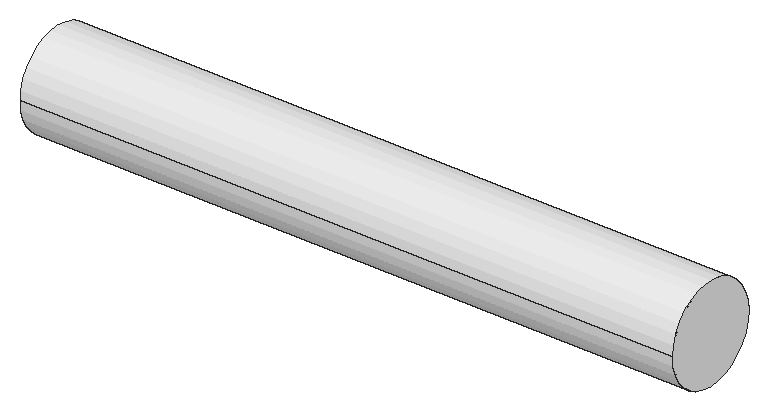
Revit family "Deca_Misturador de mesa para cozinha_Fast_1256.59", category Plumbing Fixtures, host Face, Revit 2019
Family settings
  Host = Face
  Round Connector Dimension = Use Radius
  Part Type = Normal
  Cut with Voids When Loaded = No
  Shared = Yes
  Room Calculation Point = No
Parameters (values of type "1256.C59_Cromado")
  Vazão na Pressão mín. (L/min) = "5 l/min"
  Vazão na Pressão máx. (L/min) = "16 l/min"
  URL = "www.deca.com.br"
  Tipo de rosca de saída = "-"
  Tipo de rosca de entrada = "BSP NBR 8133"
  Tipo de mecanismo utilizado = "MVC -1/4 volta"
  Tipo de dispositivo economizador = "Não"
  Segmento = "Banheiro Médio"
  Saída de Esgoto = "-"
  Raio Água Quente = 7.5 mm  # constant formula
  Raio Água Fria = 7.5 mm  # constant formula
  Pressão mín. funcionamento = "2 MCA"
  Pressão mín. Aquec. Passagem = "-"
  Pressão mín. Aquec. Acúmulo = "-"
  Pressão máx. funcionamento = "40 MCA"
  Peso Líquido (Kg) = 2.137
  Norma = "NBR16749"
  Model = "1256.C59"
  Material = Deca_Cromado
  Manufacturer = "Deca"
  Linha = "Fast"
  Itens de Instalação = "-"
  Informações Complementares = "-"
  HWFU = 0
  Diâmetro Água Quente = Raio Água Quente * 2  # 15 mm
  Diâmetro Água Fria = Raio Água Fria * 2  # 15 mm
  Description = "Misturador de mesa para cozinha"
  Default Elevation = 0 mm
  Código Pai = "1256.59"
  Criado por = "quattroD"
  Cores Componente = "-"
  Cor Secundária = "-"
  Cor Principal = "Cromado"
  Cor Interna = "-"
  Consumo = "-"
  Composição Componente = "-"
  Composição Básica = "Liga de Cobre (bronze e latão),Plásticos de Engenharia,Elastômeros"
  Composição Assento = "-"
  Composição Anel Vedação = "-"
  Categoria = "METAIS PARA COZINHA"
  CWFU = 0
  Atendimento ao Cliente = "0800-0117073"
  Assembly Code = ""
  Aprovado por = "quattroD"
  Acompanha o Produto = "-"
Reference planes
  plane 1 "Center (Front/Back)": y = 0
  plane 2: z = 0
  plane 3 "Center (Left/Right)": x = 0
Forms (mm)
  Extrusion 1, solid, material "Deca_Cromado" <- "Material"
    sketch origin (0, 0, 0) x (0, 1, 0) y (0, 0, 1)
      loop
        circle (0, 44.761) r 16.999
    from -117 to 117
Lines and regions (mm)
  Masking region 1
    outline origin (500, 0, 0) x (1, 0, 0) y (0, 1, 0)
      loop
        arc (-578.998, 16.968) -> (-599.901, 27) -> (-620.877, 17.122) r 27
        line (-620.877, 17.122) -> (-639.481, 17.122)
        arc (-639.481, 17.122) -> (-639.835, 16.975) -> (-639.981, 16.622) r 0.5
        line (-639.981, 16.622) -> (-639.981, -80.05)
        arc (-639.981, -80.05) -> (-639.835, -80.404) -> (-639.481, -80.55) r 0.5
        line (-639.481, -80.55) -> (-629.981, -80.55)
        arc (-629.981, -80.55) -> (-629.628, -80.404) -> (-629.481, -80.05) r 0.5
        line (-629.481, -80.05) -> (-629.481, -17.13) -> (-620.87, -17.13)
        arc (-620.87, -17.13) -> (-599.851, -27) -> (-578.942, -16.899) r 27
        line (-578.942, -16.899) -> (-508.574, -16.899) -> (-508.574, -164.297)
        arc (-508.574, -164.297) -> (-510.696, -167.84) -> (-511.435, -171.903) r 11.542
        line (-511.435, -171.903) -> (-511.435, -176.141)
        arc (-511.435, -176.141) -> (-508.014, -184.335) -> (-499.781, -187.664) r 11.524
        arc (-499.781, -187.664) -> (-491.549, -184.335) -> (-488.127, -176.141) r 11.524
        line (-488.127, -176.141) -> (-488.127, -171.903)
        arc (-488.127, -171.903) -> (-488.87, -167.83) -> (-491.002, -164.281) r 11.542
        line (-491.002, -164.281) -> (-491.002, -16.899) -> (-420.62, -16.899)
        arc (-420.62, -16.899) -> (-399.711, -27) -> (-378.692, -17.13) r 27
        line (-378.692, -17.13) -> (-370.081, -17.13) -> (-370.081, -80.05)
        arc (-370.081, -80.05) -> (-369.935, -80.404) -> (-369.581, -80.55) r 0.5
        line (-369.581, -80.55) -> (-360.081, -80.55)
        arc (-360.081, -80.55) -> (-359.728, -80.404) -> (-359.581, -80.05) r 0.5
        line (-359.581, -80.05) -> (-359.581, 16.622)
        arc (-359.581, 16.622) -> (-359.728, 16.975) -> (-360.081, 17.122) r 0.5
        line (-360.081, 17.122) -> (-378.685, 17.122)
        arc (-378.685, 17.122) -> (-399.661, 27) -> (-420.564, 16.968) r 27
        line (-420.564, 16.968) -> (-578.998, 16.968)
  Masking region 2
    outline origin (0, 0, 0) x (0, 1, 0) y (0, 0, 1)
      loop
        line (-27, 0) -> (27, 0) -> (27, 10) -> (15, 10) -> (15, 36.9)
        arc (15, 36.9) -> (16.492, 40.777) -> (17, 44.9) r 17
        line (17, 44.9) -> (17, 54.713) -> (17, 70.8) -> (15.989, 70.8)
        arc (15.989, 70.8) -> (15.888, 71.551) -> (15.783, 72.301) r 120
        line (15.783, 72.301) -> (17, 72.301) -> (17, 85.201) -> (13.203, 85.201)
        arc (13.203, 85.201) -> (11.863, 89.989) -> (10.325, 94.717) r 120
        line (10.325, 94.717) -> (10.325, 249.401)
        arc (10.325, 249.401) -> (-88, 347.726) -> (-186.325, 249.401) r 98.325
        line (-186.325, 249.401) -> (-186.325, 241.401) -> (-181.4, 241.401)
        arc (-181.4, 241.401) -> (-180.339, 240.961) -> (-179.9, 239.901) r 1.5
        line (-179.9, 239.901) -> (-179.9, 238.8)
        arc (-179.9, 238.8) -> (-180.802, 238.126) -> (-181.589, 237.321) r 7.28
        line (-181.589, 237.321) -> (-186.3, 237.321) -> (-186.3, 210.221) -> (-165.7, 210.221) -> (-165.7, 237.321) -> (-170.411, 237.321)
        arc (-170.411, 237.321) -> (-171.198, 238.126) -> (-172.1, 238.8) r 7.28
        line (-172.1, 238.8) -> (-172.1, 239.901)
        arc (-172.1, 239.901) -> (-171.661, 240.961) -> (-170.6, 241.401) r 1.5
        line (-170.6, 241.401) -> (-165.675, 241.401) -> (-165.675, 249.401)
        arc (-165.675, 249.401) -> (-87.978, 327.076) -> (-10.325, 249.357) r 77.675
        line (-10.325, 249.357) -> (-10.325, 85.201) -> (-17, 85.201) -> (-17, 72.301) -> (-13.075, 72.301) -> (-13.075, 70.8) -> (-17, 70.8) -> (-17, 44.9)
        arc (-17, 44.9) -> (-16.492, 40.777) -> (-15, 36.9) r 17
        line (-15, 36.9) -> (-15, 10) -> (-27, 10) -> (-27, 0)
  Masking region 3
    outline origin (0, 0, 0) x (1, 0, 0) y (0, 0, 1)
      loop
        line (127, 0) -> (127, 10) -> (115, 10) -> (115, 25.9)
        arc (115, 25.9) -> (115.585, 27.314) -> (117, 27.9) r 2
        line (117, 27.9) -> (117, 32.4) -> (118.999, 32.4) -> (118.999, 27.9) -> (139.399, 27.9)
        arc (139.399, 27.9) -> (139.753, 28.046) -> (139.899, 28.4) r 0.5
        line (139.899, 28.4) -> (139.899, 124.347)
        arc (139.899, 124.347) -> (139.753, 124.701) -> (139.399, 124.847) r 0.5
        line (139.399, 124.847) -> (131.346, 124.847)
        arc (131.346, 124.847) -> (130.943, 124.655) -> (130.838, 124.221) r 0.519
        line (130.838, 124.221) -> (130.463, 117.051)
        spline (130.463, 117.051) -> (130.389, 114.003) -> (130.305, 110.887) -> (130.211, 107.709) -> (130.107, 104.475) -> (129.992, 101.19) -> (129.868, 97.861) -> (129.734, 94.494) -> (129.591, 91.095) -> (129.439, 87.67) -> (129.278, 84.226) -> (129.108, 80.77) -> (128.931, 77.307)
        line (128.931, 77.307) -> (128.501, 69.12)
        arc (128.501, 69.12) -> (128.361, 66.762) -> (128.18, 64.407) r 139.414
        arc (128.18, 64.407) -> (127.122, 62.616) -> (125.169, 61.9) r 3.095
        line (125.169, 61.9) -> (118.999, 61.9) -> (118.999, 57.4) -> (117, 57.4) -> (117, 61.9) -> (19, 61.9)
        arc (19, 61.9) -> (17.585, 62.486) -> (17, 63.9) r 2
        line (17, 63.9) -> (17, 70.8) -> (13.075, 70.8) -> (13.075, 72.301) -> (17, 72.301) -> (17, 85.201) -> (10.325, 85.201) -> (10.325, 337.401)
        arc (10.325, 337.401) -> (0, 347.726) -> (-10.325, 337.401) r 10.325
        line (-10.325, 337.401) -> (-10.325, 85.201) -> (-17, 85.201) -> (-17, 72.301) -> (-13.075, 72.301) -> (-13.075, 70.8) -> (-17, 70.8) -> (-17, 63.9)
        arc (-17, 63.9) -> (-17.586, 62.486) -> (-19, 61.9) r 2
        line (-19, 61.9) -> (-117, 61.9) -> (-117, 57.4) -> (-119, 57.4) -> (-119, 61.9) -> (-125.17, 61.9)
        arc (-125.17, 61.9) -> (-127.123, 62.616) -> (-128.181, 64.407) r 3.095
        arc (-128.181, 64.407) -> (-128.361, 66.762) -> (-128.502, 69.12) r 139.414
        line (-128.502, 69.12) -> (-128.931, 77.307)
        spline (-128.931, 77.307) -> (-129.109, 80.77) -> (-129.278, 84.226) -> (-129.439, 87.67) -> (-129.591, 91.095) -> (-129.735, 94.494) -> (-129.868, 97.861) -> (-129.993, 101.19) -> (-130.107, 104.475) -> (-130.212, 107.709) -> (-130.306, 110.887) -> (-130.39, 114.003) -> (-130.463, 117.051)
        line (-130.463, 117.051) -> (-130.839, 124.221)
        arc (-130.839, 124.221) -> (-130.943, 124.655) -> (-131.346, 124.847) r 0.519
        line (-131.346, 124.847) -> (-139.4, 124.847)
        arc (-139.4, 124.847) -> (-139.754, 124.701) -> (-139.9, 124.347) r 0.5
        line (-139.9, 124.347) -> (-139.9, 28.4)
        arc (-139.9, 28.4) -> (-139.754, 28.046) -> (-139.4, 27.9) r 0.5
        line (-139.4, 27.9) -> (-119, 27.9) -> (-119, 32.4) -> (-117, 32.4) -> (-117, 27.9)
        arc (-117, 27.9) -> (-115.586, 27.314) -> (-115, 25.9) r 2
        line (-115, 25.9) -> (-115, 10) -> (-127, 10) -> (-127, 0) -> (-73, 0) -> (-73, 10) -> (-85, 10) -> (-85, 25.9)
        arc (-85, 25.9) -> (-84.416, 27.312) -> (-83.006, 27.9) r 2
        line (-83.006, 27.9) -> (83.005, 27.9)
        arc (83.005, 27.9) -> (84.416, 27.312) -> (85, 25.9) r 2
        line (85, 25.9) -> (85, 10) -> (73, 10) -> (73, 0) -> (127, 0)
  symbolic lines
    curve 1: line (-118.981, 17.122, 0) -> (-118.981, -17.13, 0)
    curve 2: line (-116.901, 16.968, 0) -> (-116.901, -16.899, 0)
    curve 3: line (-129.466, -17.129, 0) -> (-129.466, 17.122, 0)
    curve 4: line (-139.481, 17.122, 0) -> (-139.481, -80.338, 0)
    curve 5: line (-129.981, -80.338, 0) -> (-129.981, -4.093, 0)
    curve 6: line (-129.981, -4.093, 0) -> (-129.466, -0.004, 0)
    curve 7: line (-139.481, -80.338, 0) -> (-129.981, -80.338, 0)
    curve 8: arc (-2.099, 16.968, 0) -> (-16.627, 3.363, 0) -> (-8.576, -14.839, 0) r 17.192
    curve 9: spline (-8.576, -15.323, 0) -> (-11.951, -13.355, 0) -> (-14.792, -10.8, 0) -> (-16.975, -7.769, 0) -> (-18.403, -4.396, 0) -> (-19.014, -0.831, 0) -> (-18.779, 2.77, 0) -> (-17.71, 6.248, 0) -> (-15.854, 9.448, 0) -> (-13.292, 12.231, 0) -> (-10.138, 14.473, 0) -> (-6.531, 16.076, 0) -> (-2.629, 16.968, 0)
    curve 10: line (-8.576, -17.125, 0) -> (-8.576, -0.025, 0)
    curve 11: arc (-8.576, -0.025, 0) -> (0.219, 8.77, 0) -> (9.014, -0.025, 0) r 8.795
    curve 12: line (9.014, -0.025, 0) -> (9.014, -17.125, 0)
    curve 13: line (-8.581, -164.291, 0) -> (-8.581, -171.53, 0)
    curve 14: arc (-8.581, -171.53, 0) -> (0.17, -180.281, 0) -> (8.921, -171.53, 0) r 8.751
    curve 15: line (8.921, -171.53, 0) -> (8.921, -164.291, 0)
    curve 16: arc (11.868, -171.578, 0) -> (0.219, -183.557, 0) -> (-11.43, -171.578, 0) r 11.654
    curve 17: arc (11.873, -174.411, 0) -> (0.219, -186.065, 0) -> (-11.435, -174.411, 0) r 11.654
    curve 18: line (-120.877, 17.122, 0) -> (-118.981, 17.122, 0)
    curve 19: line (-120.87, -17.13, 0) -> (-118.981, -17.13, 0)
    curve 20: line (-78.942, -16.899, 0) -> (-116.901, -16.899, 0)
    curve 21: line (-78.998, 16.968, 0) -> (-116.901, 16.968, 0)
    curve 22: line (-118.981, 12.59, 0) -> (-116.901, 12.59, 0)
    curve 23: line (-118.981, -12.6, 0) -> (-116.901, -12.6, 0)
    curve 24: arc (2.099, 16.968, 0) -> (16.627, 3.363, 0) -> (8.576, -14.839, 0) r 17.192
    curve 25: spline (8.576, -15.323, 0) -> (11.951, -13.355, 0) -> (14.792, -10.8, 0) -> (16.975, -7.769, 0) -> (18.403, -4.396, 0) -> (19.014, -0.831, 0) -> (18.779, 2.77, 0) -> (17.71, 6.248, 0) -> (15.854, 9.448, 0) -> (13.292, 12.231, 0) -> (10.138, 14.473, 0) -> (6.531, 16.076, 0) -> (2.629, 16.968, 0)
    curve 26: line (118.981, 17.122, 0) -> (118.981, -17.13, 0)
    curve 27: line (116.901, 16.968, 0) -> (116.901, -16.899, 0)
    curve 28: line (129.466, -17.129, 0) -> (129.466, 17.122, 0)
    curve 29: line (139.481, 17.122, 0) -> (139.481, -80.338, 0)
    curve 30: line (129.981, -80.338, 0) -> (129.981, -4.093, 0)
    curve 31: line (129.981, -4.093, 0) -> (129.466, -0.004, 0)
    curve 32: line (139.481, -80.338, 0) -> (129.981, -80.338, 0)
    curve 33: line (120.877, 17.122, 0) -> (118.981, 17.122, 0)
    curve 34: line (120.87, -17.13, 0) -> (118.981, -17.13, 0)
    curve 35: line (78.942, -16.899, 0) -> (116.901, -16.899, 0)
    curve 36: line (78.998, 16.968, 0) -> (116.901, 16.968, 0)
    curve 37: line (118.981, 12.59, 0) -> (116.901, 12.59, 0)
    curve 38: line (118.981, -12.6, 0) -> (116.901, -12.6, 0)
    curve 39: line (0, -27, 0) -> (0, 27, 0)
    curve 40: line (0, 27, 0) -> (0, 27, 10)
    curve 41: line (0, 27, 10) -> (0, -27, 10)
    curve 42: line (0, 27, 9.7) -> (0, -27, 9.7)
    curve 43: line (0, -27, 10) -> (0, -27, 0)
    curve 44: line (0, 15, 36.415) -> (0, 15, 10)
    curve 45: line (0, -15, 36.415) -> (0, -15, 10)
    curve 46: arc (0, 9.985, 29.638) -> (0, -0.117, 25.902) -> (0, -10.167, 29.778) r 15.244
    curve 47: arc (0, 15, 36.415) -> (0, 12.882, 32.738) -> (0, 9.985, 29.638) r 18.597
    curve 48: arc (0, -10.167, 29.778) -> (0, -12.948, 32.831) -> (0, -15, 36.415) r 18.899
    curve 49: arc (0, 17, 44.9) -> (0, -12.021, 32.879) -> (0, 0, 61.9) r 17
    curve 50: spline (0, -17, 44.9) -> (0, -16.827, 47.604) -> (0, -16.312, 50.252) -> (0, -15.464, 52.792) -> (0, -14.302, 55.171) -> (0, -12.849, 57.341) -> (0, -11.134, 59.258) -> (0, -9.193, 60.882) -> (0, -7.065, 62.182) -> (0, -4.793, 63.129) -> (0, -2.423, 63.706) -> (0, -0.004, 63.9) -> (0, 2.415, 63.707)
    curve 51: line (0, -17, 70.8) -> (0, -17, 44.9)
    curve 52: line (0, 4.5, 70.8) -> (0, -17, 70.8)
    curve 53: line (0, -13.075, 70.8) -> (0, -13.075, 72.301)
    curve 54: line (0, -17, 72.301) -> (0, 4.5, 72.301)
    curve 55: line (0, -17, 85.201) -> (0, -17, 72.301)
    curve 56: line (0, 4.107, 85.201) -> (0, -17, 85.201)
    curve 57: arc (0, 16.5, 44.9) -> (0, -11.707, 33.273) -> (0, 0.113, 61.4) r 16.5
    curve 58: arc (0, 5, 69.094) -> (0, 3.675, 64.536) -> (0, 0.113, 61.4) r 8.5
    curve 59: arc (0, 4.5, 69.094) -> (0, 3.282, 64.851) -> (0, 0, 61.9) r 8
    curve 60: line (0, 17, 44.9) -> (0, 17, 55.253)
    curve 61: line (0, 16.5, 55.253) -> (0, 16.5, 44.9)
    curve 62: arc (0, -5.5, 124.347) -> (0, 10.867, 91.509) -> (0, 16.5, 55.253) r 119.5
    curve 63: arc (0, -5.092, 124.636) -> (0, 11.344, 91.661) -> (0, 17, 55.253) r 120
    curve 64: line (0, 17, 55.253) -> (0, 17, 70.8)
    curve 65: line (0, 17, 70.8) -> (0, 15.988, 70.8)
    curve 66: line (0, 15.783, 72.301) -> (0, 17, 72.301)
    curve 67: line (0, 17, 72.301) -> (0, 17, 85.201)
    curve 68: line (0, 17, 84.901) -> (0, 13.28, 84.901)
    curve 69: line (0, 17, 85.201) -> (0, 13.203, 85.201)
    curve 70: arc (0, -5.5, 117.032) -> (0, 2.331, 97.838) -> (0, 5, 77.28) r 80.5
    curve 71: arc (0, -5.935, 116.785) -> (0, 1.847, 97.71) -> (0, 4.5, 77.28) r 80
    curve 72: line (0, -6, 124.347) -> (0, -6, 117.032)
    curve 73: line (0, -5.5, 124.347) -> (0, -5.5, 117.032)
    curve 74: arc (0, -6, 124.347) -> (0, -5.652, 124.824) -> (0, -5.092, 124.636) r 0.5
    curve 75: line (0, -10.325, 249.357) -> (0, -10.325, 85.201)
    curve 76: line (0, 10.325, 94.718) -> (0, 10.325, 249.401)
    curve 77: arc (0, -165.675, 249.401) -> (0, -87.978, 327.076) -> (0, -10.325, 249.357) r 77.675
    curve 78: arc (0, -186.325, 249.401) -> (0, -88, 347.726) -> (0, 10.325, 249.401) r 98.325
    curve 79: line (0, -165.675, 249.401) -> (0, -165.675, 241.401)
    curve 80: line (0, -186.325, 241.401) -> (0, -186.325, 249.401)
    curve 81: line (0, -165.675, 241.401) -> (0, -186.325, 241.401)
    curve 82: arc (0, -172.1, 239.901) -> (0, -171.661, 240.961) -> (0, -170.6, 241.401) r 1.5
    curve 83: arc (0, -181.4, 241.401) -> (0, -180.339, 240.961) -> (0, -179.9, 239.901) r 1.5
    curve 84: line (0, -172.1, 239.901) -> (0, -179.9, 239.901)
    curve 85: line (0, -179.9, 238.8) -> (0, -172.1, 238.8)
    curve 86: line (0, -179.9, 239.901) -> (0, -179.9, 238.8)
    curve 87: line (0, -172.1, 238.8) -> (0, -172.1, 239.901)
    curve 88: arc (0, -172.1, 238.8) -> (0, -171.198, 238.126) -> (0, -170.411, 237.321) r 7.28
    curve 89: arc (0, -181.589, 237.321) -> (0, -180.802, 238.126) -> (0, -179.9, 238.8) r 7.28
    curve 90: line (0, -185.8, 237.321) -> (0, -166.2, 237.321)
    curve 91: line (0, -165.7, 236.821) -> (0, -186.3, 236.821)
    curve 92: line (0, -165.7, 236.821) -> (0, -165.7, 210.221)
    curve 93: line (0, -186.3, 210.221) -> (0, -186.3, 236.821)
    curve 94: line (0, -165.7, 210.221) -> (0, -186.3, 210.221)
    curve 95: line (0, 10.325, 249.401) -> (0, -10.325, 249.401)
    curve 96: line (0, 4.5, 77.28) -> (0, 4.5, 69.094)
    curve 97: line (0, 5, 69.094) -> (0, 5, 77.28)
    curve 98: line (127, 0, 0) -> (73, 0, 0)
    curve 99: line (127, 0, 10) -> (127, 0, 0)
    curve 100: line (73, 0, 9.7) -> (127, 0, 9.7)
    curve 101: line (73, 0, 10) -> (127, 0, 10)
    curve 102: line (73, 0, 0) -> (73, 0, 10)
    curve 103: line (115, 0, 25.9) -> (115, 0, 10)
    curve 104: line (85, 0, 10) -> (85, 0, 25.9)
    curve 105: arc (85, 0, 25.9) -> (84.414, 0, 27.314) -> (83, 0, 27.9) r 2
    curve 106: arc (117, 0, 27.9) -> (115.585, 0, 27.314) -> (115, 0, 25.9) r 2
    curve 107: line (117, 0, 61.9) -> (117, 0, 27.9)
    curve 108: line (117, 0, 32.4) -> (118.999, 0, 32.4)
    curve 109: line (118.999, 0, 61.9) -> (118.999, 0, 27.9)
    curve 110: line (118.999, 0, 27.9) -> (139.399, 0, 27.9)
    curve 111: line (139.399, 0, 27.9) -> (139.399, 0, 124.847)
    curve 112: line (139.899, 0, 61.4) -> (139.899, 0, 28.4)
    curve 113: arc (139.399, 0, 27.9) -> (139.753, 0, 28.046) -> (139.899, 0, 28.4) r 0.5
    curve 114: line (115, 0, 25.9) -> (112.311, 0, 28.589)
    curve 115: line (85, 0, 25.9) -> (87.689, 0, 28.589)
    curve 116: line (117, 0, 27.9) -> (113.06, 0, 30.978)
    curve 117: line (83, 0, 27.9) -> (86.94, 0, 30.978)
    curve 118: line (112.311, 0, 28.589) -> (87.689, 0, 28.589)
    curve 119: line (113.06, 0, 30.978) -> (86.94, 0, 30.978)
    curve 120: arc (139.899, 0, 61.4) -> (139.753, 0, 61.754) -> (139.399, 0, 61.9) r 0.5
    curve 121: line (139.399, 0, 61.9) -> (118.999, 0, 61.9)
    curve 122: line (117, 0, 57.4) -> (118.999, 0, 57.4)
    curve 123: line (139.899, 0, 124.347) -> (139.899, 0, 61.4)
    curve 124: arc (128.678, 0, 64.642) -> (128.859, 0, 66.866) -> (129, 0, 69.094) r 123.855
    curve 125: arc (128.18, 0, 64.407) -> (128.361, 0, 66.762) -> (128.501, 0, 69.12) r 139.414
    curve 126: line (139.899, 0, 69.094) -> (129, 0, 69.094)
    curve 127: line (128.931, 0, 77.307) -> (128.502, 0, 69.12)
    curve 128: line (129.001, 0, 69.094) -> (129.43, 0, 77.28)
    curve 129: line (139.899, 0, 77.28) -> (129.43, 0, 77.28)
    curve 130: spline (130.962, 0, 116.785) -> (130.889, 0, 113.756) -> (130.805, 0, 110.658) -> (130.711, 0, 107.499) -> (130.606, 0, 104.284) -> (130.492, 0, 101.019) -> (130.367, 0, 97.71) -> (130.233, 0, 94.363) -> (130.09, 0, 90.985) -> (129.938, 0, 87.581) -> (129.777, 0, 84.158) -> (129.608, 0, 80.722) -> (129.43, 0, 77.28)
    curve 131: spline (130.463, 0, 117.051) -> (130.389, 0, 114.003) -> (130.305, 0, 110.887) -> (130.211, 0, 107.709) -> (130.107, 0, 104.475) -> (129.992, 0, 101.19) -> (129.868, 0, 97.861) -> (129.734, 0, 94.494) -> (129.591, 0, 91.095) -> (129.439, 0, 87.67) -> (129.278, 0, 84.226) -> (129.108, 0, 80.77) -> (128.931, 0, 77.307)
    curve 132: line (139.399, 0, 116.785) -> (130.962, 0, 116.785)
    curve 133: line (130.962, 0, 117.032) -> (139.899, 0, 117.032)
    curve 134: line (130.463, 0, 117.051) -> (130.846, 0, 124.373)
    curve 135: line (131.346, 0, 124.347) -> (130.962, 0, 117.032)
    curve 136: line (131.346, 0, 124.347) -> (139.899, 0, 124.347)
    curve 137: line (139.399, 0, 124.847) -> (131.346, 0, 124.847)
    curve 138: arc (139.899, 0, 124.347) -> (139.753, 0, 124.701) -> (139.399, 0, 124.847) r 0.5
    curve 139: arc (128.678, 0, 64.642) -> (127.506, 0, 62.526) -> (125.169, 0, 61.9) r 3.094
    curve 140: arc (125.169, 0, 61.9) -> (127.122, 0, 62.616) -> (128.18, 0, 64.407) r 3.095
    curve 141: line (19, 0, 61.9) -> (117, 0, 61.9)
    curve 142: line (83, 0, 27.9) -> (-83, 0, 27.9)
    curve 143: line (0, 0, 44.9) -> (19, 0, 61.9)
    curve 144: line (17, 0, 63.9) -> (0, 0, 44.9)
    curve 145: arc (17, 0, 63.9) -> (17.585, 0, 62.486) -> (19, 0, 61.9) r 2
    curve 146: line (0, 0, 44.9) -> (-17, 0, 63.9)
    curve 147: line (-19, 0, 61.9) -> (0, 0, 44.9)
    curve 148: arc (-19, 0, 61.9) -> (-17.586, 0, 62.486) -> (-17, 0, 63.9) r 2
    curve 149: line (-17, 0, 63.9) -> (-17, 0, 70.8)
    curve 150: line (17, 0, 70.8) -> (17, 0, 63.9)
    curve 151: line (-17, 0, 70.8) -> (17, 0, 70.8)
    curve 152: line (13.075, 0, 72.301) -> (13.075, 0, 70.8)
    curve 153: line (17, 0, 72.301) -> (-17, 0, 72.301)
    curve 154: line (-13.075, 0, 70.8) -> (-13.075, 0, 72.301)
    curve 155: line (-17, 0, 72.301) -> (-17, 0, 84.901)
    curve 156: line (17, 0, 84.901) -> (17, 0, 72.301)
    curve 157: line (-17, 0, 84.901) -> (17, 0, 84.901)
    curve 158: line (-16.7, 0, 85.201) -> (16.703, 0, 85.201)
    curve 159: line (-10.325, 0, 337.401) -> (-10.325, 0, 85.201)
    curve 160: line (10.325, 0, 337.401) -> (10.325, 0, 85.201)
    curve 161: line (-10.325, 0, 210.221) -> (10.325, 0, 210.221)
    curve 162: arc (10.325, 0, 337.401) -> (0, 0, 347.726) -> (-10.325, 0, 337.401) r 10.325
    curve 163: line (-10.325, 0, 236.821) -> (10.325, 0, 236.821)
    curve 164: line (9.8, 0, 237.321) -> (-9.8, 0, 237.321)
    curve 165: arc (-3.9, 0, 238.8) -> (-4.802, 0, 238.126) -> (-5.589, 0, 237.321) r 7.28
    curve 166: arc (5.588, 0, 237.321) -> (4.801, 0, 238.126) -> (3.9, 0, 238.8) r 7.28
    curve 167: line (-3.9, 0, 238.8) -> (3.9, 0, 238.8)
    curve 168: line (3.9, 0, 239.901) -> (-3.9, 0, 239.901)
    curve 169: line (3.9, 0, 238.8) -> (3.9, 0, 239.901)
    curve 170: arc (5.4, 0, 241.401) -> (4.339, 0, 240.961) -> (3.9, 0, 239.901) r 1.5
    curve 171: line (-3.9, 0, 239.901) -> (-3.9, 0, 238.8)
    curve 172: arc (-3.9, 0, 239.901) -> (-4.34, 0, 240.961) -> (-5.4, 0, 241.401) r 1.5
    curve 173: line (10.325, 0, 241.401) -> (-10.325, 0, 241.401)
    curve 174: line (10.325, 0, 249.401) -> (-10.325, 0, 249.401)
    curve 175: line (-127, 0, 0) -> (-73, 0, 0)
    curve 176: line (-127, 0, 10) -> (-127, 0, 0)
    curve 177: line (-73, 0, 9.7) -> (-127, 0, 9.7)
    curve 178: line (-73, 0, 10) -> (-127, 0, 10)
    curve 179: line (-73, 0, 0) -> (-73, 0, 10)
    curve 180: line (-115, 0, 25.9) -> (-115, 0, 10)
    curve 181: line (-85, 0, 10) -> (-85, 0, 25.9)
    curve 182: arc (-85, 0, 25.9) -> (-84.415, 0, 27.314) -> (-83, 0, 27.9) r 2
    curve 183: arc (-117, 0, 27.9) -> (-115.586, 0, 27.314) -> (-115, 0, 25.9) r 2
    curve 184: line (-117, 0, 61.9) -> (-117, 0, 27.9)
    curve 185: line (-117, 0, 32.4) -> (-119, 0, 32.4)
    curve 186: line (-119, 0, 61.9) -> (-119, 0, 27.9)
    curve 187: line (-119, 0, 27.9) -> (-139.4, 0, 27.9)
    curve 188: line (-139.4, 0, 27.9) -> (-139.4, 0, 124.847)
    curve 189: line (-139.9, 0, 61.4) -> (-139.9, 0, 28.4)
    curve 190: arc (-139.4, 0, 27.9) -> (-139.754, 0, 28.046) -> (-139.9, 0, 28.4) r 0.5
    curve 191: line (-115, 0, 25.9) -> (-112.311, 0, 28.589)
    curve 192: line (-85, 0, 25.9) -> (-87.689, 0, 28.589)
    curve 193: line (-117, 0, 27.9) -> (-113.06, 0, 30.978)
    curve 194: line (-83, 0, 27.9) -> (-86.94, 0, 30.978)
    curve 195: line (-112.311, 0, 28.589) -> (-87.689, 0, 28.589)
    curve 196: line (-113.06, 0, 30.978) -> (-86.94, 0, 30.978)
    curve 197: arc (-139.9, 0, 61.4) -> (-139.754, 0, 61.754) -> (-139.4, 0, 61.9) r 0.5
    curve 198: line (-139.4, 0, 61.9) -> (-119, 0, 61.9)
    curve 199: line (-117, 0, 57.4) -> (-119, 0, 57.4)
    curve 200: line (-139.9, 0, 124.347) -> (-139.9, 0, 61.4)
    curve 201: arc (-128.679, 0, 64.642) -> (-128.86, 0, 66.866) -> (-129.001, 0, 69.094) r 123.855
    curve 202: arc (-128.181, 0, 64.407) -> (-128.361, 0, 66.762) -> (-128.502, 0, 69.12) r 139.414
    curve 203: line (-139.9, 0, 69.094) -> (-129.001, 0, 69.094)
    curve 204: line (-128.931, 0, 77.307) -> (-128.502, 0, 69.12)
    curve 205: line (-129.002, 0, 69.094) -> (-129.431, 0, 77.28)
    curve 206: line (-139.9, 0, 77.28) -> (-129.431, 0, 77.28)
    curve 207: spline (-130.963, 0, 116.785) -> (-130.889, 0, 113.756) -> (-130.806, 0, 110.658) -> (-130.711, 0, 107.499) -> (-130.607, 0, 104.284) -> (-130.492, 0, 101.019) -> (-130.368, 0, 97.71) -> (-130.234, 0, 94.363) -> (-130.091, 0, 90.985) -> (-129.939, 0, 87.581) -> (-129.778, 0, 84.158) -> (-129.608, 0, 80.722) -> (-129.431, 0, 77.28)
    curve 208: spline (-130.463, 0, 117.051) -> (-130.39, 0, 114.003) -> (-130.306, 0, 110.887) -> (-130.212, 0, 107.709) -> (-130.107, 0, 104.475) -> (-129.993, 0, 101.19) -> (-129.868, 0, 97.861) -> (-129.735, 0, 94.494) -> (-129.591, 0, 91.095) -> (-129.439, 0, 87.67) -> (-129.278, 0, 84.226) -> (-129.109, 0, 80.77) -> (-128.931, 0, 77.307)
    curve 209: line (-139.4, 0, 116.785) -> (-130.963, 0, 116.785)
    curve 210: line (-130.963, 0, 117.032) -> (-139.9, 0, 117.032)
    curve 211: line (-130.463, 0, 117.051) -> (-130.847, 0, 124.373)
    curve 212: line (-131.346, 0, 124.347) -> (-130.963, 0, 117.032)
    curve 213: line (-131.346, 0, 124.347) -> (-139.9, 0, 124.347)
    curve 214: line (-139.4, 0, 124.847) -> (-131.346, 0, 124.847)
    curve 215: arc (-139.9, 0, 124.347) -> (-139.754, 0, 124.701) -> (-139.4, 0, 124.847) r 0.5
    curve 216: arc (-128.679, 0, 64.642) -> (-127.506, 0, 62.526) -> (-125.17, 0, 61.9) r 3.094
    curve 217: arc (-125.17, 0, 61.9) -> (-127.123, 0, 62.616) -> (-128.181, 0, 64.407) r 3.095
    curve 218: line (-19, 0, 61.9) -> (-117, 0, 61.9)
Dimensions and locks
  aligned and locked: plane 2 to host face
  aligned and locked: level to host face
Connectors
  piping at (-100, 0, 0), diameter 15, driven by "Raio Água Quente"
    settings: on free form element, index 1, connector inside diameter 24", connector length 0 mm, flow factor 0, pipe flow 0 GPM, pressure drop 0.00 psi, fitting loss kfactor 0, connector angle 0.00°, fixture units 0, engagement length 0 mm, angle of deflection 0.00°, flow configuration 3, flow direction 1, fitting loss method 4, system type 19, joint type 0, gender type 0, connector reference index -1, connector utility 0, adjustable connector no, is connector primary yes, connector description ""
  piping at (100, 0, 0), diameter 15, driven by "Raio Água Fria"
    settings: on free form element, index 2, connector inside diameter 24", connector length 0 mm, flow factor 0, pipe flow 0 GPM, pressure drop 0.00 psi, fitting loss kfactor 0, connector angle 0.00°, fixture units 0, engagement length 0 mm, angle of deflection 0.00°, flow configuration 3, flow direction 1, fitting loss method 4, system type 20, joint type 0, gender type 0, connector reference index -1, connector utility 0, adjustable connector no, is connector primary no, connector description ""
